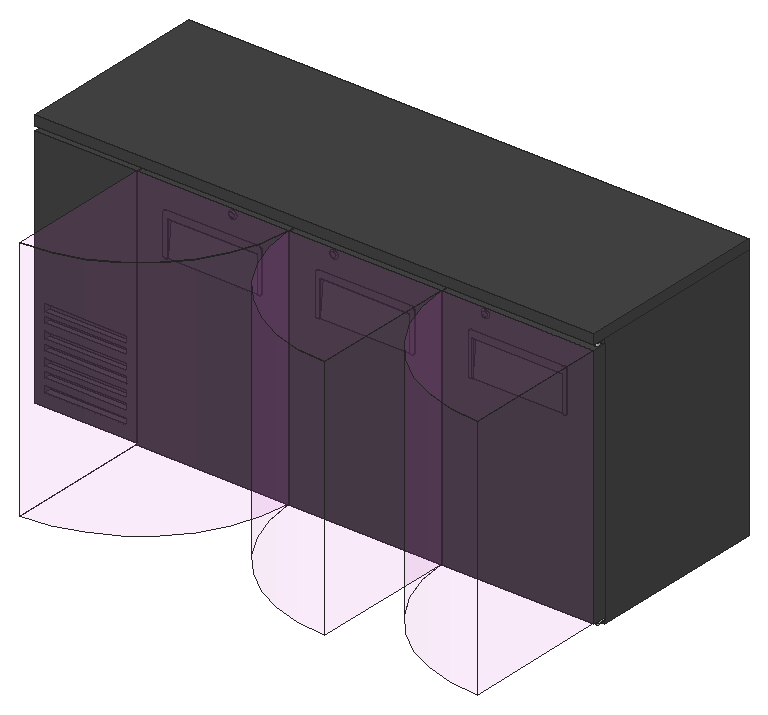
Revit family "QF_True_TBB24-72-3S-Z1-BST-B-1_Solid_Swing_Door_Back_Bar", category Specialty Equipment, Revit 2021 (continued)
Definition of nested family "Family3"
  Definition of nested family "5 INCHES 01_CASTER 2"
    Parameters (values of type "5 INCHES 01_CASTER 2")
      Assembly Code = ""
    Reference planes (in)
      plane 1: z = 0
      plane 2 "RIGHT": x = 0
      plane 3 "FRONT": y = 0
      plane 4 "TOP": z = 5
    Forms (in)
      Revolve 1, solid, visible <- "Show 5" Casters"
        sketch origin (-1.93794, 0.99859, -1.0041) x (1, 0, 0) y (0, 0, 1)
          loop
            line (0.74055, 3.0041) -> (0.74055, 2.9286) -> (0.79055, 2.8786) -> (0.85055, 2.8786) -> (0.85055, 2.75852) -> (1.235, 2.75852) -> (1.235, 2.56618) -> (1.37557, 2.48502) -> (1.49133, 1.76972) -> (1.34375, 1.76972) -> (1.34375, 1.53535) -> (1.375, 1.53535) -> (1.375, 1.0041) -> (2.48438, 1.0041) -> (2.48438, 1.53535) -> (2.51563, 1.53535) -> (2.51563, 1.76972) -> (2.36805, 1.76972) -> (2.48438, 2.48853) -> (2.62438, 2.56936) -> (2.62438, 2.75852) -> (3.04007, 2.75852) -> (3.04007, 2.8786) -> (3.10007, 2.8786) -> (3.15007, 2.9286) -> (3.15007, 3.0041) -> (0.74055, 3.0041)
          axis (0.74055, 3.0041) -> (3.15007, 3.0041)
        angle from 0 to 360
      Extrusion 2, solid, visible <- "Show 5" Casters"
        sketch origin (-1.93794, 1.96337, -0.7541) x (0, 1, 0) y (0, 0, 1)
          loop
            line (-3.37739, 5.33423) -> (-3.37739, 4.92712) -> (-2.49294, 4.92712)
            arc (-2.49294, 4.92712) -> (-1.47209, 4.91752) -> (-0.46376, 4.75787) r 6.92153
            arc (-0.46376, 4.75787) -> (0.14199, 4.53396) -> (0.67481, 4.16904) r 2.62713
            line (0.67481, 4.16904) -> (0.7876, 4.33012)
            arc (0.7876, 4.33012) -> (0.48098, 4.5674) -> (0.13288, 4.73811) r 1.91675
            line (0.13288, 4.73811) -> (0.21197, 4.87494)
            arc (0.21197, 4.87494) -> (-0.1576, 5.02102) -> (-0.54934, 5.08775) r 1.91675
            line (-0.54934, 5.08775) -> (-0.54934, 5.33423) -> (-3.37739, 5.33423)
        from 1.17357 to 2.70231
      Revolve 3, solid, visible <- "Show 5" Casters"
        sketch origin (0, 2.15543, -1.25) x (0, 1, 0) y (0, 0, 1)
          loop
            line (-2.21793, 6.25) -> (-2.21793, 5.83014) -> (-1.05793, 5.83014) -> (-1.05793, 6.25) -> (-2.21793, 6.25)
          axis (-2.21793, 5.83014) -> (-2.21793, 6.25)
        angle from 0 to 360
      Extrusion 4, solid, visible <- "Show 5" Casters"
        sketch origin (-1.98481, 1.96337, -0.7541) x (0, 1, 0) y (0, 0, 1)
          loop
            line (-3.37739, 5.33423) -> (-3.37739, 4.92712) -> (-3.13361, 4.92712)
            arc (-3.13361, 4.92712) -> (-2.12623, 3.92533) -> (-1.55834, 2.62307) r 3.79122
            arc (-1.55834, 2.62307) -> (-0.81477, 2.14247) -> (-0.31772, 2.87515) r 0.63314
            arc (-0.31772, 2.87515) -> (-0.02244, 3.67728) -> (0.68637, 4.15498) r 1.39003
            line (0.68637, 4.15498) -> (0.7876, 4.33012)
            arc (0.7876, 4.33012) -> (0.48098, 4.5674) -> (0.13288, 4.73811) r 1.91675
            line (0.13288, 4.73811) -> (0.21197, 4.87494)
            arc (0.21197, 4.87494) -> (-0.1576, 5.02102) -> (-0.54934, 5.08775) r 1.91675
            line (-0.54934, 5.08775) -> (-0.54934, 5.33423) -> (-3.37739, 5.33423)
        from 2.74918 to 2.90825
      Extrusion 5, solid, visible <- "Show 5" Casters"
        sketch origin (1.98481, 1.96337, -0.7541) x (0, 1, 0) y (0, 0, -1)
          loop
            line (-3.37739, -5.33423) -> (-0.54934, -5.33423) -> (-0.54934, -5.08775)
            arc (-0.54934, -5.08775) -> (-0.1576, -5.02102) -> (0.21197, -4.87494) r 1.91675
            line (0.21197, -4.87494) -> (0.13288, -4.73811)
            arc (0.13288, -4.73811) -> (0.48098, -4.5674) -> (0.7876, -4.33012) r 1.91675
            line (0.7876, -4.33012) -> (0.68637, -4.15498)
            arc (0.68637, -4.15498) -> (-0.02244, -3.67728) -> (-0.31772, -2.87515) r 1.39003
            arc (-0.31772, -2.87515) -> (-0.81477, -2.14247) -> (-1.55834, -2.62307) r 0.63314
            arc (-1.55834, -2.62307) -> (-2.12623, -3.92533) -> (-3.13361, -4.92712) r 3.79122
            line (-3.13361, -4.92712) -> (-3.37739, -4.92712) -> (-3.37739, -5.33423)
        from 2.74918 to 2.90825
      Extrusion 6, solid, visible <- "Key Locks"
        sketch origin (-0.96875, 2.04726, -0.57589) x (0, 1, 0) y (0, 0, -1)
          loop
            line (-2.58496, -2.03961) -> (-1.89213, -2.43961) -> (-1.53273, -2.64711)
            arc (-1.53273, -2.64711) -> (-1.45411, -2.76529) -> (-1.38688, -2.89031) r 1.51617
            arc (-1.38688, -2.89031) -> (-1.13602, -3.13035) -> (-0.79652, -3.20306) r 0.63657
            arc (-0.79652, -3.20306) -> (-0.67098, -3.20163) -> (-0.54633, -3.21661) r 0.9589
            line (-0.54633, -3.21661) -> (0.23309, -3.66661) -> (0.42979, -3.32592)
            arc (0.42979, -3.32592) -> (0.46473, -3.10362) -> (0.3415, -2.91533) r 0.313
            line (0.3415, -2.91533) -> (0.21087, -3.04595)
            arc (0.21087, -3.04595) -> (0.24081, -3.14321) -> (0.14284, -3.17074) r 0.07109
            line (0.14284, -3.17074) -> (-0.52795, -2.78336)
            arc (-0.52795, -2.78336) -> (-0.62217, -2.51108) -> (-0.36609, -2.37904) r 0.22
            arc (-0.36609, -2.37904) -> (-0.3435, -2.357) -> (-0.33862, -2.32583) r 0.05
            arc (-0.33862, -2.32583) -> (-0.50047, -2.10967) -> (-0.75504, -2.01961) r 0.46592
            line (-0.75504, -2.01961) -> (-1.49574, -2.01961)
            arc (-1.49574, -2.01961) -> (-1.57675, -2.00894) -> (-1.65224, -1.97767) r 0.313
            line (-1.65224, -1.97767) -> (-2.05389, -1.74578)
            arc (-2.05389, -1.74578) -> (-2.2914, -1.71451) -> (-2.48146, -1.86034) r 0.313
            line (-2.48146, -1.86034) -> (-2.58496, -2.03961)
        from 0 to 0.0625
      Extrusion 7, solid, visible <- "Key Locks"
        sketch origin (-0.96875, 2.04726, -0.57589) x (0, 1, 0) y (0, 0, -1)
          loop
            line (-0.45692, -2.6604) -> (0.47061, -3.19578)
            arc (0.47061, -3.19578) -> (0.44304, -3.03852) -> (0.3415, -2.91533) r 0.313
            line (0.3415, -2.91533) -> (-0.36656, -2.53415)
            arc (-0.36656, -2.53415) -> (-0.48136, -2.54745) -> (-0.45692, -2.6604) r 0.078
        from 0 to 0.5
      Extrusion 8, solid, visible <- "Key Locks"
        sketch origin (0.96875, 2.04726, -0.57589) x (0, 1, 0) y (0, 0, 1)
          loop
            line (-2.58496, 2.03961) -> (-2.48146, 1.86034)
            arc (-2.48146, 1.86034) -> (-2.2914, 1.71451) -> (-2.05389, 1.74578) r 0.313
            line (-2.05389, 1.74578) -> (-1.65224, 1.97767)
            arc (-1.65224, 1.97767) -> (-1.57675, 2.00894) -> (-1.49574, 2.01961) r 0.313
            line (-1.49574, 2.01961) -> (-0.75504, 2.01961)
            arc (-0.75504, 2.01961) -> (-0.50047, 2.10967) -> (-0.33862, 2.32583) r 0.46592
            arc (-0.33862, 2.32583) -> (-0.3435, 2.357) -> (-0.36609, 2.37904) r 0.05
            arc (-0.36609, 2.37904) -> (-0.62217, 2.51108) -> (-0.52795, 2.78336) r 0.22
            line (-0.52795, 2.78336) -> (0.14284, 3.17074)
            arc (0.14284, 3.17074) -> (0.24081, 3.14321) -> (0.21087, 3.04595) r 0.07109
            line (0.21087, 3.04595) -> (0.3415, 2.91533)
            arc (0.3415, 2.91533) -> (0.46473, 3.10362) -> (0.42979, 3.32592) r 0.313
            line (0.42979, 3.32592) -> (0.23309, 3.66661) -> (-0.54633, 3.21661)
            arc (-0.54633, 3.21661) -> (-0.67098, 3.20163) -> (-0.79652, 3.20306) r 0.9589
            arc (-0.79652, 3.20306) -> (-1.13602, 3.13035) -> (-1.38688, 2.89031) r 0.63657
            arc (-1.38688, 2.89031) -> (-1.45411, 2.76529) -> (-1.53273, 2.64711) r 1.51617
            line (-1.53273, 2.64711) -> (-1.89213, 2.43961) -> (-2.58496, 2.03961)
        from 0 to 0.0625
      Extrusion 9, solid, visible <- "Key Locks"
        sketch origin (0.96875, 2.04726, -0.57589) x (0, 1, 0) y (0, 0, 1)
          loop
            arc (-0.45692, 2.6604) -> (-0.48136, 2.54745) -> (-0.36656, 2.53415) r 0.078
            line (-0.36656, 2.53415) -> (0.3415, 2.91533)
            arc (0.3415, 2.91533) -> (0.44304, 3.03852) -> (0.47061, 3.19578) r 0.313
            line (0.47061, 3.19578) -> (-0.45692, 2.6604)
        from 0 to 0.5
    Cuts and joins
      joined: Extrusion 2, Extrusion 4, Extrusion 5
    Lines and regions (in)
      symbolic lines, visible <- "Show 5" Casters"
        curve 1: line (0.54262, 2.21348, 0) -> (1.50337, 1.65879, 0)
        curve 2: line (-1.45738, -1.25062, 0) -> (-0.70738, 0.04842, 0)
        curve 3: line (-0.49663, -1.80531, 0) -> (-1.45738, -1.25062, 0)
        curve 4: line (1.50337, 1.65879, 0) -> (0.75337, 0.35975, 0)
        curve 5: line (-0.20738, 0.91444, 0) -> (0.54262, 2.21348, 0)
        curve 6: line (0.25337, -0.50627, 0) -> (-0.49663, -1.80531, 0)
    Dimensions and locks (in)
      plane 4 "TOP" to level = 5"  (x2)
      aligned and locked: level to plane 1
  Definition of nested family "6 INCHES LEGS"
    Parameters (values of type "6 INCHES LEGS")
      Weight = ""
      URL Manufacturer = ""
      URL Cutsheet = ""
      URL = ""
      Type Mark [instance] = ""
      Status [instance] = ""
      Specification by User [instance] = ""
      Specification by Manufacturer = ""
      Show 6" Legs [instance] = yes
      Show Seismic Flanged [instance] = yes
      Serial Number = ""
      Seismic Rating = ""
      SMACNA No = ""
      Revision Code [instance] = ""
      Omniclass Number and Title = ""
      NAFEM Spec ID Number = ""
      Model = ""
      MasterSpec. = ""
      Manufacturer = ""
      Item Number [instance] = ""
      Installed By [instance] = ""
      Identify Quantity as Lot [instance] = yes
      Furnished By [instance] = ""
      Foodservice Equipment Identifier [instance] = yes
      Description = ""
      Default Elevation = 0"
      CSI MasterFormat = ""
      CSI Master Format = ""
      Assembly Code = ""
    Reference planes (in)
      plane 1: z = 0
      plane 2 "RIGHT": x = 0
      plane 3 "FRONT": y = 0
      plane 4 "TOP": z = 6
    Forms (in)
      Revolve 1, solid, visible <- "Show 6" Legs"
        sketch origin (11.12172, 0, 0) x (-1, 0, 0) y (0, 0, -1)
          loop
            line (11.12172, -6) -> (11.12172, 0) -> (10.62172, 0) -> (10.62172, -1.30261) -> (10.37172, -1.30261) -> (10.37172, -6) -> (11.12172, -6)
          axis (11.12172, 0) -> (11.12172, -6)
        angle from 0 to 360
      Extrusion 2, solid, visible <- "Show Seismic Flanged"
        sketch origin (0, 0, 0) x (1, 0, 0) y (0, 1, 0)
          loop
            circle (0, 0) r 1
        from 0 to 0.03125
    Dimensions and locks (in)
      plane 4 "TOP" to level = 6"  (x2)
      locked: Revolve 1 sketch curve to Revolve 1 sketch curve at 1.30261
      locked: Revolve 1 sketch curve to Revolve 1 sketch curve at 0.75
      aligned and locked: level to plane 1
  Definition of nested family "6 INCHES LEGS WITH FLANGED"
    Parameters (values of type "6 INCHES LEGS WITH FLANGED")
      Weight = ""
      URL Manufacturer = ""
      URL Cutsheet = ""
      URL = ""
      Type Mark [instance] = ""
      Status [instance] = ""
      Specification by User [instance] = ""
      Specification by Manufacturer = ""
      Show 6" Seismic Flanged [instance] = yes
      Serial Number = ""
      Seismic Rating = ""
      SMACNA No = ""
      Revision Code [instance] = ""
      Omniclass Number and Title = ""
      NAFEM Spec ID Number = ""
      Model = ""
      MasterSpec. = ""
      Manufacturer = ""
      Item Number [instance] = ""
      Installed By [instance] = ""
      Identify Quantity as Lot [instance] = yes
      Furnished By [instance] = ""
      Foodservice Equipment Identifier [instance] = yes
      Description = ""
      Default Elevation = 0"
      CSI MasterFormat = ""
      CSI Master Format = ""
      Assembly Code = ""
    Reference planes (in)
      plane 1: z = 0
      plane 2 "RIGHT": x = 0
      plane 3 "FRONT": y = 0
      plane 4 "TOP": z = 6
    Forms (in)
      Revolve 1, solid, visible <- "Show 6" Seismic Flanged"
        sketch origin (11.12172, 0, 0) x (-1, 0, 0) y (0, 0, -1)
          loop
            line (11.12172, -6) -> (11.12172, 0) -> (10.62172, 0) -> (10.62172, -1.30261) -> (10.37172, -1.30261) -> (10.37172, -6) -> (11.12172, -6)
          axis (11.12172, 0) -> (11.12172, -6)
        angle from 0 to 360
      Extrusion 2, solid, visible <- "Show 6" Seismic Flanged"
        sketch origin (0, 0, 0) x (1, 0, 0) y (0, 1, 0)
          loop
            circle (0, 0) r 1
        from 0 to 0.03125
    Dimensions and locks (in)
      plane 4 "TOP" to level = 6"  (x2)
      locked: Revolve 1 sketch curve to Revolve 1 sketch curve at 1.30261
      locked: Revolve 1 sketch curve to Revolve 1 sketch curve at 0.75
      aligned and locked: level to plane 1
